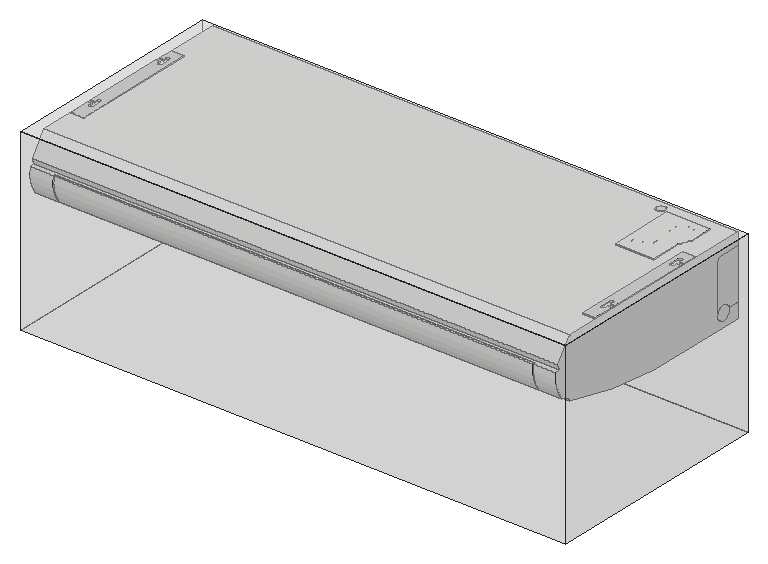
Revit family "outputfile", category 機械設備, Revit 2024
Family settings
  丸型コネクタ寸法 = 半径を使用
  パーツ タイプ = 標準
  OmniClass 番号 = 23.75.10.24.21.27.27
  OmniClass タイトル = Split System Air Conditioning Units
  作業面ベース = いいえ
  常に垂直 = はい
  ロード時にボイドで切り取り = いいえ
  注釈の向きを維持 = いいえ
  共有 = いいえ
  部屋計算ポイント = はい
Parameters (values of type "FHAS38DV2S")
  Description = ""
  製造元 = "Daikin"
  書き出し IFC クラス(タイプ) = "IfcUnitaryEquipmentType"
  定義済み IFC タイプ(タイプ) = "AIRCONDITIONINGUNIT"
  Cost = 0
  モデル = "FHAS38DV2S"
  Type Comments = ""
  Keynote = ""
  Type Image = (empty or 0)
  Assembly Code = ""
  switch_frequency = yes
  r_Liquid Pipe Size = Liquid Pipe Size / 2  # 4.75 mm
  r_Gas Pipe Size = Gas Pipe Size / 2  # 7.95 mm
  r_Drain Pipe Size = Drain Pipe Size / 2  # 10.0 mm
  l_powersupply [instance] = if(Rear Right Connection_powersupply, 29.0 mm, 175.0 mm)  # 29.0 mm
  h_mountinghole = 2.0 mm  # constant formula
  connector_voltage = Voltage_50Hz  # 220 V
  connector_powerinput = [Power Input (Cooling)]  # 3.170 kW
  connector_phase = Phase_50Hz  # 1
  angle_vertical_powersupply [instance] = if(Rear Right Connection_powersupply, 90.00°, 180.00°)  # 90.00°
  angle_vertical_drainpipe [instance] = if(or(Left Connection_drainpipe, Right Connection_drainpipe), 90.00°, if(Top Connection_drainpipe, 180.00°, -90.00°))  # -90.00°
  angle_horizontal_powersupply [instance] = if(Rear Right Connection_powersupply, 180.00°, 0.00°)  # 180.00°
  angle_horizontal_drainpipe [instance] = if(Right Connection_drainpipe, 90.00°, if(Left Connection_drainpipe, -90.00°, 0.00°))  # 0.00°
  Voltage_comment_50Hz = "220 - 240"
  Voltage_50Hz = 220 V
  URL = ""
  Top Connection_refrigerant [instance] = no
  Top Connection_powersupply [instance] = not(Rear Right Connection_powersupply)  # no
  Right Connection_refrigerant [instance] = no
  Rear Right Connection_refrigerant [instance] = yes
  Phase_50Hz = 1
  Minimum Circuit Amps_50Hz = 0.0 A
  Maximum Fuse Amps_50Hz = 0.0 A
  Material_Casing = DAIKIN_White_Casing_indoorunit
  lw_powersupply [instance] = if(Rear Right Connection_powersupply, 220.0 mm, 210.0 mm)  # 220.0 mm
  lw_mountinghole_pitch = Width - 40.0 mm  # 1550.0 mm
  lw_mountinghole = 20.0 mm  # constant formula
  lw_liquidpipe [instance] = if(Right Connection_refrigerant, 156.0 mm, if(Top Connection_refrigerant, 156.0 mm, 136.0 mm))  # 136.0 mm
  lw_gaspipe = 105.0 mm  # constant formula
  lw_drainpipe [instance] = if(Top Connection_drainpipe, 102.0 mm, if(Width = 960.0 mm, if(or(Left Connection_drainpipe, Rear Left Connection_drainpipe), 884.0 mm, 83.0 mm), if(Width = 1270.0 mm, if(or(Left Connection_drainpipe, Rear Left Connection_drainpipe), 1194.0 mm, 83.0 mm), if(Width = 1590.0 mm, if(or(Left Connection_drainpipe, Rear Left Connection_drainpipe), 1514.0 mm, 83.0 mm), 83.0 mm))))  # 83.0 mm
  lh_powersupply = 175.0 mm  # constant formula
  lh_liquidpipe [instance] = if(Rear Right Connection_refrigerant, 160.0 mm, 131.0 mm)  # 160.0 mm
  lh_gaspipe [instance] = if(Rear Right Connection_refrigerant, 150.0 mm, 91.0 mm)  # 150.0 mm
  lh_drainpipe = 197.0 mm  # constant formula
  l_antena = 1.0 mm  # constant formula
  ld_powersupply = 30.0 mm  # constant formula
  ld_mountinghole_pitch = 260.0 mm  # constant formula
  ld_mountinghole = 210.0 mm  # constant formula
  ld_liquidpipe [instance] = if(Right Connection_refrigerant, 57.0 mm, if(Top Connection_refrigerant, 189.0 mm, 221.0 mm))  # 221.0 mm
  ld_gaspipe [instance] = if(Right Connection_refrigerant, 57.0 mm, if(Top Connection_refrigerant, 163.0 mm, 214.0 mm))  # 214.0 mm
  ld_drainpipe [instance] = if(or(Left Connection_drainpipe, Right Connection_drainpipe), 57.0 mm, if(Top Connection_drainpipe, 87.0 mm, 268.0 mm))  # 268.0 mm
  l_liquidpipe_length [instance] = if(Right Connection_refrigerant, 156.0 mm, if(Top Connection_refrigerant, 131.0 mm, 220.0 mm))  # 220.0 mm
  l_gaspipe_length [instance] = if(Right Connection_refrigerant, 105.0 mm, if(Top Connection_refrigerant, 91.0 mm, 213.0 mm))  # 213.0 mm
  l_drainpipe_length [instance] = if(Right Connection_drainpipe, 83.0 mm, if(Top Connection_drainpipe, 197.0 mm, if(Left Connection_drainpipe, 76.0 mm, 267.0 mm)))  # 267.0 mm
  h*** = 0.0 mm  # constant formula
  angle_vertical [instance] = if(Right Connection_refrigerant, 90.00°, if(Top Connection_refrigerant, 180.00°, -90.00°))  # -90.00°
  angle_horizontal [instance] = if(Right Connection_refrigerant, 90.00°, 0.00°)  # 0.00°
  Width = 1590.0 mm
  Version = "ver.1.0"
  Unit Type = "Ceiling"
  Unit Mass Weight = 38.00 kg
  Unit Designation [instance] = ""
  Uniclass2015Version = "Products v1.30"
  Uniclass2015Title = "Split coil room air conditioning units"
  Uniclass2015Code = "Pr_70_65_03_86"
  Total Cooling Capacity [instance] = 0.000 kW
  Top Connection_drainpipe [instance] = no
  Sound Pressure Level_M speed (dBA) = 41
  Sound Pressure Level_L speed (dBA) = 37
  Sound Pressure Level_H speed (dBA) = 44
  Series = "SkyAir_Fan Coil Unit"
  Sensible Cooling Capacity [instance] = 0.000 kW
  Rear Right Connection_drainpipe [instance] = yes
  Rear Right Connection_powersupply [instance] = yes
  Right Connection_drainpipe [instance] = no
  Refrigerant Type = "R32"
  Power Input (Cooling) = 3.170 kW
  Option Accessory 3 [instance] = ""
  Option Accessory 2 [instance] = ""
  Option Accessory 1 [instance] = ""
  Nominal Cooling Capacity = 11.300 kW
  Minimum Airflow = 1380.00 m³/h
  Median Airflow = 1620.00 m³/h
  Maximum Airflow = 1860.00 m³/h
  Load Classification = HVAC
  Liquid Pipe Size = 9.5 mm
  Link_Nested Family [instance] = ""
  Rear Left Connection_drainpipe [instance] = no
  Left Connection_drainpipe [instance] = no
  IfcVersion = ""
  IfcExportType = "AIRCONDITIONINGUNIT"
  IfcExportAs = "IfcUnitaryEquipmentType"
  Height = 235.0 mm
  Heat Exchanger Type = "Cross Fin Coil"
  Gas Pipe Size = 15.9 mm
  Frequency_50Hz = 50 Hz
  Fan Type = "Sirocco Fan"
  Fan Drive = "-"
  FCU Tag No. [instance] = ""
  Drain Pipe Size = 20.0 mm
  Design Supply Airflow [instance] = 0.00 m³/h
  Design Outdoor Airflow [instance] = 0.00 m³/h
  Depth = 690.0 mm
  既定の高さ = 0.0 mm
  Cooling Entering Wet Bulb Temperature [instance] = 0.00 °C
  Cooling Entering Dry Bulb Temperature [instance] = 0.00 °C
  Cooling Ambient Wet Bulb Temperature [instance] = 0.00 °C
  Cooling Ambient Dry Bulb Temperature [instance] = 0.00 °C
  Clearance visibility [instance] = yes
  Clearance Top = 5.0 mm
  Clearance Right = 30.0 mm
  Clearance Rear = 0.0 mm
  Clearance Left = 30.0 mm
  Clearance Front = 0.0 mm
  Clearance Bottom = 300.0 mm
Reference planes
  plane 1 "Back": y = 0
  plane 2: z = 0
  plane 3 "Center (Left/Right)": x = 0
  plane 4 "Center (Front/Back)": y = -1
  plane 5 "Front": y = -690
  plane 6 "Left": x = -795
  plane 7 "Right": x = 795
  plane 8 "Top": z = 0
  plane 9 "Bottom": z = -235
  plane 10: y = -690
  plane 11: x = -825
  plane 12: x = 825
  plane 13: z = 5
  plane 14: z = -535
  plane 15: y = 0
  plane 16 "lw_mountinghole": x = -775
  plane 17 "lw_mountinghole2": x = 775
  plane 18 "ld_mountinghole": y = -210
  plane 19 "ld_mountinghole2": y = -470
  plane 20 "lw_gaspipe": x = 690
  plane 21 "ld_gaspipe": y = -214
  plane 22 "lh_gaspipe": z = -150
  plane 23 "lw_liquidpipe": x = 659
  plane 24 "ld_liquidpipe": y = -221
  plane 25 "lh_liquidpipe": z = -160
  plane 26 "ld_drainpipe": y = -268
  plane 27 "lw_drainpipe": x = 712
  plane 28 "lh_drainpipe": z = -197
  plane 29 "lw_powersupply": x = 575
  plane 30 "lh_powersupply": z = -175
  plane 31 "ld_powersupply": y = -30
  plane 32: x = -725.5
  plane 33: x = 725.5
  plane 34: x = -750
  plane 35: x = 750
  plane 36: x = -2
  plane 37: x = 2
Forms (mm)
  Extrusion 1, solid, material "DAIKIN_White_Casing_indoorunit" <- "Material_Casing"
    sketch origin (0, 0, 0) x (0, 1, 0) y (0, 0, 1)
      loop
        line (-639.277, 0) -> (-680.876, -61.699) -> (-675.026, -77.772)
        arc (-675.026, -77.772) -> (-681.815, -78.743) -> (-688.601, -79.732) r 2634.132
        arc (-688.601, -79.732) -> (-687.018, -121.096) -> (-669.159, -158.439) r 102.2
        line (-669.159, -158.439) -> (-639.858, -169.325) -> (-635.895, -178.261)
        arc (-635.895, -178.261) -> (-479.121, -215.759) -> (-319.077, -235) r 1400.997
        line (-319.077, -235) -> (-1, -235) -> (-1, 0) -> (-639.277, 0)
    from -795 to 795
  Extrusion 2, solid, material "DAIKIN_White_Casing_indoorunit" <- "Material_Casing"
    sketch origin (0, 0, 0) x (0, 1, 0) y (0, 0, 1)
      loop
        arc (-688.601, -79.732) -> (-687.018, -121.096) -> (-669.159, -158.439) r 102.2
        line (-669.159, -158.439) -> (-665.589, -154.869)
        arc (-665.589, -154.869) -> (-682.432, -118.783) -> (-683.39, -78.971) r 97.2
        arc (-683.39, -78.971) -> (-685.996, -79.351) -> (-688.601, -79.732) r 2634.132
    from -725.5 to 725.5
  Extrusion 3, void
    sketch origin (0, 0, 0) x (0, 1, 0) y (0, 0, 1)
      loop
        line (-301.098, -235) -> (-21.098, -235) -> (-21.098, -230) -> (-301.098, -230) -> (-301.098, -235)
    from -750 to 750
  Extrusion 4, solid, material "DAIKIN_White_Grille_indoorunit"
    sketch origin (0, 0, 0) x (0, 1, 0) y (0, 0, 1)
      loop
        line (-20.098, -230) -> (-301.098, -230) -> (-301.098, -235) -> (-20.098, -235) -> (-20.098, -230)
    from -750 to -2
  Extrusion 5, solid, material "DAIKIN_White_Casing_indoorunit" <- "Material_Casing"
    sketch origin (0, 0, 0) x (1, 0, 0) y (0, 0, 1)
      loop
        line (602, -63) -> (602, -178) -> (673, -220) -> (736, -220) -> (736, -63) -> (602, -63)
    from 0 to 1
  Extrusion 6, solid, material "DAIKIN_White_Casing_indoorunit" <- "Material_Casing"
    sketch origin (0, 0, 0) x (-1, 0, 0) y (0, -1, 0)
      loop
        line (-607, 35) -> (-607, 230) -> (-723, 230) -> (-723, 135) -> (-738, 105) -> (-738, 35) -> (-607, 35)
    from 0 to 1.9
  Extrusion 7, void
    sketch origin (795, 0, 0) x (0, 1, 0) y (0, 0, 1)
      loop
        arc (-79.5, -195) -> (-55.446, -217.446) -> (-34.715, -191.9) r 22.5
        line (-34.715, -191.9) -> (-1, -191.9) -> (-1, -190.1) -> (-35.04, -190.1)
        arc (-35.04, -190.1) -> (-54.942, -172.594) -> (-77.7, -186.182) r 22.5
        line (-77.7, -186.182) -> (-77.7, -43)
        arc (-77.7, -43) -> (-76.528, -40.172) -> (-73.7, -39) r 4
        line (-73.7, -39) -> (-1, -39) -> (-1, -37.2) -> (-73.7, -37.2)
        arc (-73.7, -37.2) -> (-77.801, -38.899) -> (-79.5, -43) r 5.8
        line (-79.5, -43) -> (-79.5, -195)
      loop
        circle (-57, -195) r 20.7
    from 0 to -10
  Extrusion 8, void
    sketch origin (-1444.026, -1, 1200) x (1, 0, 0) y (0, 0, 1)
      loop
        arc (715.026, -1375) -> (704.42, -1379.393) -> (700.026, -1390) r 15
        line (700.026, -1390) -> (700.026, -1400)
        arc (700.026, -1400) -> (704.42, -1410.607) -> (715.026, -1415) r 15
        line (715.026, -1415) -> (745.026, -1415)
        arc (745.026, -1415) -> (755.633, -1410.607) -> (760.026, -1400) r 15
        line (760.026, -1400) -> (760.026, -1390)
        arc (760.026, -1390) -> (755.633, -1379.393) -> (745.026, -1375) r 15
        line (745.026, -1375) -> (715.026, -1375)
    from 0 to 10
  Extrusion 9, void
    sketch origin (-795, 0, 0) x (0, 1, 0) y (0, 0, 1)
      loop
        circle (-57, -197) r 22.5
    from 0 to 10
  Extrusion 10, void
    sketch origin (-1444.026, -1, 1200) x (1, 0, 0) y (0, 0, 1)
      loop
        circle (2136.026, -1375) r 44
    from 0 to 10
  Extrusion 11, void
    sketch origin (0, 0, 0) x (-1, 0, 0) y (0, -1, 0)
      loop
        circle (-693, 87) r 30
    from 0 to -10
  Extrusion 12, void
    sketch origin (0, 0, 0) x (-1, 0, 0) y (0, -1, 0)
      loop
        circle (-690, 163) r 18
    from 0 to -10
  Extrusion 13, void
    sketch origin (0, 0, 0) x (-1, 0, 0) y (0, -1, 0)
      loop
        circle (-639, 189) r 13
    from 0 to -10
  Extrusion 14, void
    sketch origin (-1444.026, -1, 1200) x (1, 0, 0) y (0, 0, 1)
      loop
        circle (2019.026, -1375) r 14.5
    from 0 to 10
  Extrusion 15, void
    sketch origin (0, 0, 0) x (-1, 0, 0) y (0, -1, 0)
      loop
        circle (-585, 30) r 14.5
    from 0 to -10
  Extrusion 16, void
    sketch origin (795, 0, 0) x (0, 1, 0) y (0, 0, 1)
      loop
        arc (-665.589, -154.869) -> (-682.432, -118.783) -> (-683.39, -78.971) r 97.2
        arc (-683.39, -78.971) -> (-685.996, -79.351) -> (-688.601, -79.732) r 2634.132
        arc (-688.601, -79.732) -> (-687.018, -121.096) -> (-669.159, -158.439) r 102.2
        line (-669.159, -158.439) -> (-665.589, -154.869)
    from -69.5 to -1520.5
  Extrusion 17, solid, material "DAIKIN_White_Casing_indoorunit" <- "Material_Casing"
    sketch origin (-795, 0, 0) x (0, 1, 0) y (0, 0, 1)
      loop
        circle (-57, -197) r 22.5
    from 0 to 10
  Extrusion 18, solid, material "DAIKIN_White_Grille_indoorunit"
    sketch origin (780, 0, 0) x (0, 1, 0) y (0, 0, 1)
      loop
        line (-20.098, -230) -> (-301.098, -230) -> (-301.098, -235) -> (-20.098, -235) -> (-20.098, -230)
    from -782 to -778
  Extrusion 19, solid, material "DAIKIN_White_Grille_indoorunit"
    sketch origin (0, 0, 0) x (0, 1, 0) y (0, 0, -1)
      loop
        line (-20.098, 230) -> (-20.098, 235) -> (-301.098, 235) -> (-301.098, 230) -> (-20.098, 230)
    from -750 to -2
Cuts and joins
  Extrusion 3, Extrusion 7, Extrusion 8, Extrusion 9, Extrusion 10, Extrusion 11, Extrusion 12, Extrusion 13, Extrusion 14, Extrusion 15, Extrusion 16 cuts Extrusion 1
Lines and regions (mm)
  reference lines
    curve 1: line (795, -580.282, -192.75) -> (795, -551.225, -200.21)
Dimensions and locks
  equal spacing: plane 6 "Left", plane 3 "Center (Left/Right)", plane 7 "Right"
  "Width": plane 6 "Left" to plane 7 "Right"
  "Depth": plane 5 "Front" to plane 1 "Back"
  "Height": plane 8 "Top" to plane 9 "Bottom"
  "Clearance Front": plane 10 to plane 5 "Front"
  "Clearance Left": plane 11 to plane 6 "Left"
  "Clearance Right": plane 7 "Right" to plane 12
  "Clearance Top": plane 13 to plane 8 "Top"
  "Clearance Bottom": plane 9 "Bottom" to plane 14
  "Clearance Rear": plane 1 "Back" to plane 15
  locked: plane 4 "Center (Front/Back)" to plane 1 "Back" at 1
  locked: Extrusion 1 sketch curve to Extrusion 1 sketch curve at 235
  locked: Extrusion 1 sketch curve to Extrusion 1 sketch curve at 318.077
  locked: Extrusion 1 sketch curve to Extrusion 1 sketch curve at 1163.297
  locked: Extrusion 1 sketch curve to Extrusion 1 sketch curve at 231.144
  Extrusion 3 sketch curve to Extrusion 3 sketch curve to plane 1 "Back" = 280.0 mm locked, 21.098 mm locked
  "ld_mountinghole": plane 18 "ld_mountinghole" to plane 1 "Back"
  "ld_mountinghole_pitch": plane 18 "ld_mountinghole" to plane 19 "ld_mountinghole2"
  "lw_mountinghole_pitch": plane 16 "lw_mountinghole" to plane 17 "lw_mountinghole2"
  "lw_mountinghole": plane 6 "Left" to plane 16 "lw_mountinghole"
  "lw_gaspipe": plane 20 "lw_gaspipe" to plane 7 "Right"
  "ld_gaspipe": plane 1 "Back" to plane 21 "ld_gaspipe"
  "lw_liquidpipe": plane 23 "lw_liquidpipe" to plane 7 "Right"
  "ld_liquidpipe": plane 1 "Back" to plane 24 "ld_liquidpipe"
  "lw_drainpipe": plane 27 "lw_drainpipe" to plane 7 "Right"
  "ld_drainpipe": plane 26 "ld_drainpipe" to plane 1 "Back"
  plane 8 "Top" to Extrusion 5 sketch curve to Extrusion 5 sketch curve = 63.0 mm locked, 157.0 mm locked
  plane 7 "Right" to Extrusion 5 sketch curve to Extrusion 5 sketch curve = 59.0 mm locked, 134.0 mm locked
  locked: Extrusion 5 sketch curve to Extrusion 5 sketch curve at 115
  locked: Extrusion 5 sketch curve to Extrusion 5 sketch curve at 63
  locked: Extrusion 6 sketch curve to Extrusion 6 sketch curve at 195
  locked: Extrusion 6 sketch curve to Extrusion 6 sketch curve at 116
  locked: Extrusion 6 sketch curve to Extrusion 6 sketch curve at 131
  locked: Extrusion 6 sketch curve to Extrusion 6 sketch curve at 100
  locked: Extrusion 6 sketch curve to plane 1 "Back" at 35
  locked: Extrusion 6 sketch curve to plane 7 "Right" at 57
  locked: Extrusion 8 sketch curve to Extrusion 8 sketch curve at 40
  locked: Extrusion 8 sketch curve to Extrusion 8 sketch curve at 60
  locked: plane 8 "Top" to Extrusion 8 sketch curve at 175
  locked: Extrusion 8 sketch curve to plane 6 "Left" at 51
  locked: plane 7 "Right" to Extrusion 10 sketch curve at 103
  locked: plane 8 "Top" to Extrusion 10 sketch curve at 175
  locked: Extrusion 11 sketch curve to plane 1 "Back" at 87
  locked: Extrusion 11 sketch curve to plane 7 "Right" at 102
  locked: Extrusion 12 sketch curve to plane 1 "Back" at 163
  locked: Extrusion 12 sketch curve to plane 7 "Right" at 105
  locked: Extrusion 13 sketch curve to plane 1 "Back" at 189
  locked: Extrusion 13 sketch curve to plane 7 "Right" at 156
  "lw_powersupply": plane 29 "lw_powersupply" to plane 7 "Right"
  "lh_gaspipe": plane 8 "Top" to plane 22 "lh_gaspipe"
  "lh_liquidpipe": plane 8 "Top" to plane 25 "lh_liquidpipe"
  "lh_powersupply": plane 8 "Top" to plane 30 "lh_powersupply"
  "lh_drainpipe": plane 8 "Top" to plane 28 "lh_drainpipe"
  "ld_powersupply": plane 1 "Back" to plane 31 "ld_powersupply"
  locked: plane 8 "Top" to Extrusion 7 sketch curve at 195
  locked: Extrusion 7 sketch curve to plane 1 "Back" at 57
  locked: plane 9 "Bottom" to Extrusion 7 sketch curve at 43.1
  locked: Extrusion 7 sketch curve to plane 8 "Top" at 39
  locked: Extrusion 7 sketch curve to plane 1 "Back" at 79.5
  locked: Extrusion 9 sketch curve to plane 1 "Back" at 57
  locked: plane 8 "Top" to Extrusion 9 sketch curve at 197
  locked: Extrusion 17 sketch curve to plane 1 "Back" at 57
  locked: plane 8 "Top" to Extrusion 17 sketch curve at 197
  locked: plane 7 "Right" to Extrusion 14 sketch curve at 220
  locked: plane 8 "Top" to Extrusion 14 sketch curve at 175
  locked: Extrusion 15 sketch curve to plane 7 "Right" at 210
  locked: Extrusion 15 sketch curve to plane 1 "Back" at 30
  locked: curve 1 to plane 9 "Bottom" at 34.79
  locked: curve 1 to plane 9 "Bottom" at 42.25
  locked: plane 6 "Left" to plane 32 at 69.5
  locked: plane 33 to plane 7 "Right" at 69.5
  locked: plane 35 to plane 7 "Right" at 45
  locked: plane 6 "Left" to plane 34 at 45
  plane 36 to plane 3 "Center (Left/Right)" to plane 37 = 2.0 mm locked, 2.0 mm locked
  locked: curve 1 to plane 9 "Bottom" (angle 14.40°)
  aligned and locked: level to plane 2
  aligned and locked: nested 1 to plane 11
  aligned and locked: nested 1 to plane 12
  aligned and locked: nested 1 to plane 10
  aligned and locked: plane 13 to nested 1
  aligned and locked: plane 14 to nested 1
  aligned and locked: plane 15 to nested 1
  aligned and locked: Extrusion 1 sketch curve to plane 8 "Top"
  aligned and locked: Extrusion 2 sketch curve to Extrusion 1  (x2)
  aligned and locked: plane 7 "Right" to Extrusion 1
  aligned and locked: Extrusion 1 to plane 6 "Left"
  aligned and locked: cut or joined group 1 (Extrusion 1, Extrusion 3, Extrusion 7, Extrusion 8, Extrusion 9, Extrusion 10, Extrusion 11, Extrusion 12, Extrusion 13, Extrusion 14, Extrusion 15, Extrusion 16) to Extrusion 3 sketch curve
  aligned and locked: cut or joined group 1 to Extrusion 4 sketch curve
  aligned and locked: Extrusion 5 to plane 4 "Center (Front/Back)"
  aligned and locked: Extrusion 7 sketch curve to plane 4 "Center (Front/Back)"
  aligned and locked: Extrusion 16 sketch curve to Extrusion 2  (x4)
  aligned and locked: Extrusion 16 to Extrusion 2  (x2)
  aligned and locked: nested 2 to plane 26 "ld_drainpipe"
  aligned and locked: plane 27 "lw_drainpipe" to nested 2
  aligned and locked: plane 20 "lw_gaspipe" to nested 3
  aligned and locked: nested 3 to plane 21 "ld_gaspipe"
  aligned and locked: plane 23 "lw_liquidpipe" to nested 4
  aligned and locked: nested 4 to plane 24 "ld_liquidpipe"
  aligned and locked: plane 25 "lh_liquidpipe" to nested 4
  aligned and locked: nested 5 to plane 31 "ld_powersupply"
  aligned and locked: plane 29 "lw_powersupply" to nested 5
  aligned and locked: nested 7 to plane 18 "ld_mountinghole"
  aligned and locked: plane 16 "lw_mountinghole" to nested 7
  aligned and locked: nested 6 to plane 19 "ld_mountinghole2"
  aligned and locked: plane 16 "lw_mountinghole" to nested 6
  aligned and locked: nested 9 to plane 18 "ld_mountinghole"
  aligned and locked: plane 17 "lw_mountinghole2" to nested 9
  aligned and locked: plane 17 "lw_mountinghole2" to nested 8
  aligned and locked: nested 8 to plane 19 "ld_mountinghole2"
  aligned and locked: nested 10 to curve 1
  aligned and locked: level to plane 8 "Top"
  aligned and locked: cut or joined group 1 to plane 32
  aligned and locked: plane 33 to cut or joined group 1
  aligned and locked: Extrusion 16 to plane 32
  aligned and locked: plane 33 to Extrusion 16
  aligned and locked: Extrusion 4 to plane 34
  aligned and locked: cut or joined group 1 to plane 34
  aligned and locked: plane 34 to Extrusion 4  (x3)
  aligned and locked: plane 16 "lw_mountinghole" to nested 11
  aligned and locked: plane 17 "lw_mountinghole2" to nested 12
  aligned and locked: plane 36 to Extrusion 4
  aligned and locked: Extrusion 18 to plane 36
  aligned and locked: plane 37 to Extrusion 18
  aligned and locked: Extrusion 19 to plane 37
  aligned and locked: plane 37 to Extrusion 19
  aligned and locked: plane 35 to Extrusion 19
  aligned and locked: plane 35 to Extrusion 3
  aligned and locked: Extrusion 4 to cut or joined group 1
  aligned and locked: cut or joined group 1 to Extrusion 18
  aligned and locked: cut or joined group 1 to Extrusion 19
Automatic sketch dimensions
  Extrusion 1 sketch curve to plane 4 "Center (Front/Back)" = 0.0 mm
  Extrusion 1 sketch curve to plane 5 "Front" = 102.2 mm
  Extrusion 1 sketch curve to plane 30 "lh_powersupply" = 3.261 mm
  Extrusion 1 sketch curve to plane 5 "Front" = 50.723 mm
  plane 30 "lh_powersupply" to Extrusion 1 sketch curve = 5.675 mm
  Extrusion 1 sketch curve to Extrusion 1 sketch curve = 3.963 mm
  plane 25 "lh_liquidpipe" to Extrusion 1 sketch curve = 1.561 mm
  Extrusion 1 sketch curve to plane 5 "Front" = 20.841 mm
  Extrusion 1 sketch curve to plane 5 "Front" = 14.974 mm
  Extrusion 1 sketch curve to plane 5 "Front" = 9.124 mm
  Extrusion 1 sketch curve to plane 26 "ld_drainpipe" = 37.278 mm
  Extrusion 1 sketch curve to plane 14 = 2150.825 mm
  plane 22 "lh_gaspipe" to Extrusion 1 sketch curve = 53.413 mm
  Extrusion 1 sketch curve to level = 77.772 mm
  Extrusion 1 sketch curve to Extrusion 1 sketch curve = 16.072 mm
  Extrusion 2 sketch curve to Extrusion 2 sketch curve = 0.0 mm  (x2)
  plane 25 "lh_liquidpipe" to Extrusion 2 sketch curve = 1.561 mm
  Extrusion 2 sketch curve to plane 22 "lh_gaspipe" = 4.869 mm
  Extrusion 2 sketch curve to Extrusion 2 sketch curve = 3.57 mm
  Extrusion 3 sketch curve to Extrusion 3 sketch curve = 5.0 mm
  plane 31 "ld_powersupply" to Extrusion 4 sketch curve = 9.902 mm
  Extrusion 4 sketch curve to Extrusion 4 sketch curve = 5.0 mm
  Extrusion 6 sketch curve to Extrusion 6 sketch curve = 30.0 mm
  Extrusion 7 sketch curve to Extrusion 7 sketch curve = 0.0 mm  (x6)
  Extrusion 7 sketch curve to plane 4 "Center (Front/Back)" = 0.0 mm  (x2)
  Extrusion 7 sketch curve to Extrusion 7 sketch curve = 1.8 mm  (x2)
  Extrusion 7 sketch curve to Extrusion 7 sketch curve = 4.0 mm
  Extrusion 7 sketch curve to Extrusion 7 sketch curve = 0.325 mm
  Extrusion 8 sketch curve to plane 32 = 3.5 mm  (x2)
  Extrusion 8 sketch curve to plane 28 "lh_drainpipe" = 3.0 mm
  Extrusion 8 sketch curve to Extrusion 8 sketch curve = 15.0 mm
  curve 1 to plane 5 "Front" = 109.718 mm
  Extrusion 18 sketch curve to plane 9 "Bottom" = 0.0 mm
  plane 9 "Bottom" to Extrusion 18 sketch curve = 5.0 mm
  Extrusion 18 sketch curve to plane 26 "ld_drainpipe" = 33.098 mm
  plane 31 "ld_powersupply" to Extrusion 18 sketch curve = 9.902 mm
  Extrusion 19 sketch curve to plane 9 "Bottom" = 0.0 mm
  plane 9 "Bottom" to Extrusion 19 sketch curve = 5.0 mm
  Extrusion 19 sketch curve to plane 26 "ld_drainpipe" = 33.098 mm
  plane 31 "ld_powersupply" to Extrusion 19 sketch curve = 9.902 mm
  Extrusion 4 sketch curve to plane 26 "ld_drainpipe" = 33.098 mm
  radius of Extrusion 7 sketch curve = 20.7 mm
  radius of Extrusion 9 sketch curve = 22.5 mm
  radius of Extrusion 10 sketch curve = 44.0 mm
  radius of Extrusion 11 sketch curve = 30.0 mm
  radius of Extrusion 12 sketch curve = 18.0 mm
  radius of Extrusion 13 sketch curve = 13.0 mm
  radius of Extrusion 14 sketch curve = 14.5 mm
  radius of Extrusion 15 sketch curve = 14.5 mm
  radius of Extrusion 17 sketch curve = 22.5 mm
Nested families
  nested 1: "daikin_clearancespace" at (0, -345, -264.881), visible <- "Clearance visibility", show <- "Clearance visibility", Link_Nested Family <- "Link_Nested Family", type "daikin_clearancespace"
    with width 1650.0 mm, show yes, height 540.0 mm, depth 690.0 mm, Link_Nested Family ""
  nested 2: "daikin_connector_rotate3" at (712, -268, -197), radius <- "r_Drain Pipe Size", angle_vertical <- "angle_vertical_drainpipe", angle_horizontal <- "angle_horizontal_drainpipe", length <- "l_drainpipe_length", type "daikin_connector_rotate3"
    with show no, radius 10.0 mm, length 267.0 mm, angle_vertical -90.00°, angle_horizontal 0.00°
  nested 3: "daikin_connector_rotate3" at (690, -214, -150), radius <- "r_Gas Pipe Size", angle_vertical <- "angle_vertical", angle_horizontal <- "angle_horizontal", length <- "l_gaspipe_length", type "daikin_connector_rotate3"
    with show no, radius 7.95 mm, length 213.0 mm, angle_vertical -90.00°, angle_horizontal 0.00°
  nested 4: "daikin_connector_rotate3" at (659, -221, -160), radius <- "r_Liquid Pipe Size", angle_vertical <- "angle_vertical", angle_horizontal <- "angle_horizontal", length <- "l_liquidpipe_length", type "daikin_connector_rotate3"
    with show no, radius 4.75 mm, length 220.0 mm, angle_vertical -90.00°, angle_horizontal 0.00°
  nested 5: "daikin_connector_rotate3" at (575, -30, -175), length <- "l_powersupply", angle_vertical <- "angle_vertical_powersupply", angle_horizontal <- "angle_horizontal_powersupply", type "daikin_connector_rotate3"
    with show no, radius 10.0 mm, length 29.0 mm, angle_vertical 90.00°, angle_horizontal 180.00°
  nested 6: "daikin_mountinghole" at (-775, -470, 0), l_antenna <- "l_antena", Link_Nested Family <- "Link_Nested Family", h_mountinghole <- "h_mountinghole", type "daikin_mountinghole"
    with show yes, l_antenna 1.0 mm, h_mountinghole 2.0 mm, Link_Nested Family ""
  nested 7: "daikin_mountinghole" at (-775, -210, 0), l_antenna <- "l_antena", Link_Nested Family <- "Link_Nested Family", h_mountinghole <- "h_mountinghole", type "daikin_mountinghole"
    with show yes, l_antenna 1.0 mm, h_mountinghole 2.0 mm, Link_Nested Family ""
  nested 8: "daikin_mountinghole" at (775, -470, 0), l_antenna <- "l_antena", Link_Nested Family <- "Link_Nested Family", h_mountinghole <- "h_mountinghole", type "daikin_mountinghole"
    with show yes, l_antenna 1.0 mm, h_mountinghole 2.0 mm, Link_Nested Family ""
  nested 9: "daikin_mountinghole" at (775, -210, 0), Link_Nested Family <- "Link_Nested Family", l_antenna <- "l_antena", h_mountinghole <- "h_mountinghole", type "daikin_mountinghole"
    with show yes, l_antenna 1.0 mm, h_mountinghole 2.0 mm, Link_Nested Family ""
  nested 10: "daikin_logo_plane_w40" at (647.963, -559.801, -198.008) x (1, 0, 0) z (0, -0.2487, -0.9686), type "daikin_logo_plane_w40"
    with show_logo yes
  nested 11: "daikin_hangerfixture_FHAS-DV2S" at (-775, 0, 0), type "daikin_hangerfixture_FHAS-DV2S"
    with width 38.0 mm, height 2.0 mm, depth 380.0 mm
  nested 12: "daikin_hangerfixture_FHAS-DV2S" at (775, 0, 0) x (-1, 0, 0) z (0, 0, 1), type "daikin_hangerfixture_FHAS-DV2S"
    with width 38.0 mm, height 2.0 mm, depth 380.0 mm
Connectors
  piping at (712, -1, -197), diameter 20, driven by "r_Drain Pipe Size"
    settings: on nested 2, index 1, connector inside diameter 609.6 mm, connector length 0.0 mm, flow factor 0, pipe flow 0.00 m³/h, pressure drop 0.0 Pa, fitting loss kfactor 0, connector angle 0.00°, fixture units 0, engagement length 0.0 mm, angle of deflection 0.00°, flow configuration 1, flow direction 2, fitting loss method 4, system type 16, joint type 0, gender type 0, connector reference index -1, connector utility 0, adjustable connector no, is connector primary yes, connector description "Condensate Drain Piping"
  piping at (690, -1, -150), diameter 15.9, driven by "r_Gas Pipe Size"
    settings: on nested 3, index 3, connector inside diameter 609.6 mm, connector length 0.0 mm, flow factor 0, pipe flow 0.00 m³/h, pressure drop 0.0 Pa, fitting loss kfactor 0, connector angle 0.00°, fixture units 0, engagement length 0.0 mm, angle of deflection 0.00°, flow configuration 1, flow direction 2, fitting loss method 0, system type 29, joint type 0, gender type 0, connector reference index -1, connector utility 0, adjustable connector no, is connector primary no, connector description "Refrigerant Gas Piping"
  piping at (659, -1, -160), diameter 9.5, driven by "r_Liquid Pipe Size"
    settings: on nested 4, index 4, connector inside diameter 609.6 mm, connector length 0.0 mm, flow factor 0, pipe flow 0.00 m³/h, pressure drop 0.0 Pa, fitting loss kfactor 0, connector angle 0.00°, fixture units 0, engagement length 0.0 mm, angle of deflection 0.00°, flow configuration 1, flow direction 1, fitting loss method 0, system type 29, joint type 0, gender type 0, connector reference index -1, connector utility 0, adjustable connector no, is connector primary no, connector description "Refrigerant Liquid Piping"
  electrical at (575, -1, -175), driven by "Load Classification", driven by "connector_powerinput", driven by "connector_phase", driven by "connector_voltage"
    settings: on nested 5, index 6, voltage 220 V, apparent load 3170 VA, apparent load phase1 0 VA, apparent load phase2 0 VA, apparent load phase3 0 VA, power factor 1, load classification "HVAC", number of poles 1, system type 30, power factor state 1, is connector primary yes, connector utility no, sub classification motor no, connector description "Power Supply"
Definition of nested family "daikin_clearancespace"
  Parameters (values of type "daikin_clearancespace")
    Description = "daikin_clearancespace"
    width [instance] = 1823.963 mm
    show [instance] = yes
    material = none
    height [instance] = 1359.762 mm
    depth [instance] = 880.0 mm
    Default Elevation = 0.0 mm
    Link_Nested Family [instance] = ""
  Reference planes
    plane 1 "Center (Front/Back)": y = 0
    plane 2 "Center (Elevation)": z = -0.119
    plane 3 "Center (Left/Right)": x = 0
    plane 4: y = 440
    plane 5: y = -440
    plane 6 "Right": x = 911.982
    plane 7 "Left": x = -911.982
    plane 8 "Top": z = 679.762
    plane 9 "Bottom": z = -680
  Forms (mm)
    Extrusion 1, solid, material <- "material", visible <- "show"
      sketch origin (0, 0, 0) x (1, 0, 0) y (0, 1, 0)
        loop
          line (-911.982, 440) -> (-911.982, -440) -> (911.982, -440) -> (911.982, 440) -> (-911.982, 440)
      from -680 to 679.762
  Lines and regions (mm)
    symbolic lines, visible <- "show"
      curve 1: line (911.982, 440, 0) -> (-911.982, 440, 0)
      curve 2: line (-911.982, 440, 0) -> (-911.982, -440, 0)
      curve 3: line (-911.982, -440, 0) -> (911.982, -440, 0)
      curve 4: line (911.982, -440, 0) -> (911.982, 440, 0)
      curve 5: line (911.982, 0, 679.762) -> (-911.982, 0, 679.762)
      curve 6: line (911.982, 0, -680) -> (911.982, 0, 679.762)
      curve 7: line (-911.982, 0, -680) -> (911.982, 0, -680)
      curve 8: line (-911.982, 0, 679.762) -> (-911.982, 0, -680)
      curve 9: line (0, 440, 679.762) -> (0, -440, 679.762)
      curve 10: line (0, -440, 679.762) -> (0, -440, -680)
      curve 11: line (0, 440, -680) -> (0, 440, 679.762)
      curve 12: line (0, -440, -680) -> (0, 440, -680)
  Dimensions and locks
    "width": plane 7 "Left" to plane 6 "Right"
    "depth": plane 4 to plane 5
    "height": plane 8 "Top" to plane 9 "Bottom"
    equal spacing: plane 7 "Left", plane 3 "Center (Left/Right)", plane 6 "Right"
    equal spacing: plane 4, plane 1 "Center (Front/Back)", plane 5
    equal spacing: plane 8 "Top", plane 2 "Center (Elevation)", plane 9 "Bottom"
    aligned and locked: level to plane 2 "Center (Elevation)"
    aligned and locked: Extrusion 1 sketch curve to plane 4
    aligned and locked: plane 7 "Left" to Extrusion 1 sketch curve
    aligned and locked: Extrusion 1 sketch curve to plane 5
    aligned and locked: Extrusion 1 sketch curve to plane 6 "Right"
    aligned and locked: plane 8 "Top" to Extrusion 1
    aligned and locked: curve 1 to Extrusion 1
    aligned and locked: curve 2 to Extrusion 1
    aligned and locked: curve 3 to Extrusion 1
    aligned and locked: curve 4 to Extrusion 1
    aligned and locked: curve 5 to Extrusion 1
    aligned and locked: curve 6 to Extrusion 1
    aligned and locked: curve 7 to Extrusion 1
    aligned and locked: curve 8 to Extrusion 1
    aligned and locked: curve 9 to Extrusion 1
    aligned and locked: curve 10 to Extrusion 1
    aligned and locked: curve 11 to Extrusion 1
    aligned and locked: curve 12 to Extrusion 1
    aligned and locked: Extrusion 1 to plane 9 "Bottom"
Definition of nested family "daikin_logo_plane_w40"
  Parameters (values of type "daikin_logo_plane_w40")
    width = 40.0 mm
    show_logo [instance] = yes
    material = none
    height = 0.0 mm
    depth = 0.0 mm
    Default Elevation = 1219.2 mm
  Reference planes
    plane 1 "Center (Front/Back)": y = 0
    plane 2: z = 0
    plane 3 "Center (Left/Right)": x = 0
    plane 4: z = 2
    plane 5 "left": x = -19
    plane 6: x = 19
  Forms (mm)
    Extrusion 1, solid, visible <- "show_logo"
      sketch origin (-19, 0, 0) x (1, 0, 0) y (0, 1, 0)
        loop
          line (8.902, -1.878) -> (7.789, -6.332) -> (11.13, -6.332)
          arc (11.13, -6.332) -> (12.454, -6.064) -> (13.472, -5.176) r 2.642
          arc (13.472, -5.176) -> (13.92, -4.02) -> (13.767, -2.79) r 2.537
          arc (13.767, -2.79) -> (13.452, -2.342) -> (12.982, -2.06) r 1.321
          arc (12.982, -2.06) -> (12.063, -1.902) -> (11.13, -1.878) r 6.479
          line (11.13, -1.878) -> (8.902, -1.878)
        loop
          line (10.016, -5.441) -> (10.907, -5.441)
          arc (10.907, -5.441) -> (11.591, -4.983) -> (11.988, -4.261) r 1.742
          spline (11.988, -4.261) -> (12.01, -4.155) -> (12.027, -4.03) -> (12.037, -3.893) -> (12.037, -3.747) -> (12.026, -3.598) -> (12.002, -3.451) -> (11.962, -3.31) -> (11.905, -3.181) -> (11.829, -3.069) -> (11.731, -2.978) -> (11.61, -2.913) -> (11.464, -2.88)
          line (11.464, -2.88) -> (10.573, -2.88) -> (10.016, -5.441)
        loop
          line (13.58, -6.332) -> (14.805, -6.332) -> (15.223, -5.553) -> (16.977, -5.553) -> (17.144, -6.332) -> (19.149, -6.332) -> (18.258, -1.878) -> (16.03, -1.878) -> (13.58, -6.332)
        loop
          line (16.476, -3.214) -> (15.76, -4.551) -> (16.762, -4.551) -> (16.476, -3.214)
        loop
          line (19.705, -6.332) -> (21.599, -6.332) -> (22.712, -1.878) -> (20.819, -1.878) -> (19.705, -6.332)
        loop
          line (22.712, -6.332) -> (24.606, -6.332) -> (24.908, -5.122) -> (25.831, -6.332) -> (28.17, -6.332) -> (26.388, -3.994) -> (28.949, -1.878) -> (26.945, -1.878) -> (25.401, -3.153) -> (25.719, -1.878) -> (23.826, -1.878) -> (22.712, -6.332)
        loop
          line (29.84, -1.878) -> (28.615, -6.332) -> (30.62, -6.332) -> (31.734, -1.878) -> (29.84, -1.878)
        loop
          line (31.734, -6.332) -> (33.07, -6.332) -> (33.7, -3.814) -> (34.518, -6.332) -> (36.745, -6.332) -> (37.859, -1.878) -> (36.523, -1.878) -> (35.845, -4.589) -> (34.963, -1.878) -> (32.847, -1.878) -> (31.734, -6.332)
      from 0 to 2
    Extrusion 2, solid, visible <- "show_logo"
      sketch origin (-19, 0, 0) x (1, 0, 0) y (0, 1, 0)
        loop
          line (8.7, 0) -> (4.235, 0) -> (0, -3.879) -> (0, -8) -> (8.7, 0)
      from 0 to 2
    Extrusion 3, solid, visible <- "show_logo"
      sketch origin (-19, 0, 0) x (1, 0, 0) y (0, 1, 0)
        loop
          line (0, 0) -> (0, -3.879) -> (4.235, 0) -> (0, 0)
      from 0 to 2
  Dimensions and locks
    plane 4 to plane 2 = 2.0 mm
    equal spacing: plane 5 "left", plane 3 "Center (Left/Right)", plane 6
    locked: plane 5 "left" to plane 6 at 38
    aligned and locked: level to plane 2
    aligned and locked: Extrusion 3 to plane 1 "Center (Front/Back)"  (x2)
    aligned and locked: Extrusion 2 to plane 1 "Center (Front/Back)"  (x2)
    aligned and locked: plane 4 to Extrusion 1
    aligned and locked: plane 4 to Extrusion 3
    aligned and locked: plane 4 to Extrusion 2
    aligned and locked: Extrusion 3 to plane 5 "left"
    aligned and locked: Extrusion 2 to plane 5 "left"
  Automatic sketch dimensions
    Extrusion 1 sketch curve to Extrusion 1 sketch curve = 0.901 mm
    Extrusion 1 sketch curve to Extrusion 1 sketch curve = 1.559 mm
    Extrusion 1 sketch curve to Extrusion 1 sketch curve = 1.327 mm
    Extrusion 1 sketch curve to Extrusion 1 sketch curve = 2.145 mm
    Extrusion 1 sketch curve to Extrusion 1 sketch curve = 1.448 mm
    Extrusion 1 sketch curve to Extrusion 1 sketch curve = 2.116 mm
    Extrusion 1 sketch curve to Extrusion 1 sketch curve = 1.114 mm  (x4)
    Extrusion 1 sketch curve to Extrusion 1 sketch curve = 1.336 mm  (x2)
    plane 1 "Center (Front/Back)" to Extrusion 1 sketch curve = 1.878 mm  (x5)
    Extrusion 1 sketch curve to Extrusion 1 sketch curve = 1.893 mm  (x5)
    Extrusion 1 sketch curve to Extrusion 1 sketch curve = 0.891 mm  (x4)
    Extrusion 1 sketch curve to Extrusion 1 sketch curve = 2.005 mm  (x3)
    Extrusion 1 sketch curve to Extrusion 1 sketch curve = 0.445 mm  (x2)
    plane 1 "Center (Front/Back)" to Extrusion 1 sketch curve = 3.994 mm
    Extrusion 1 sketch curve to Extrusion 1 sketch curve = 0.557 mm  (x2)
    Extrusion 1 sketch curve to Extrusion 1 sketch curve = 2.339 mm  (x2)
    Extrusion 1 sketch curve to Extrusion 1 sketch curve = 1.225 mm  (x3)
    plane 1 "Center (Front/Back)" to Extrusion 1 sketch curve = 3.153 mm
    Extrusion 1 sketch curve to Extrusion 1 sketch curve = 0.987 mm
    plane 1 "Center (Front/Back)" to Extrusion 1 sketch curve = 5.122 mm
    Extrusion 1 sketch curve to Extrusion 1 sketch curve = 0.922 mm
    plane 1 "Center (Front/Back)" to Extrusion 1 sketch curve = 6.332 mm
    Extrusion 1 sketch curve to Extrusion 1 sketch curve = 2.562 mm
    plane 1 "Center (Front/Back)" to Extrusion 1 sketch curve = 5.553 mm
    Extrusion 1 sketch curve to Extrusion 1 sketch curve = 0.167 mm
    Extrusion 1 sketch curve to Extrusion 1 sketch curve = 0.215 mm
    plane 1 "Center (Front/Back)" to Extrusion 1 sketch curve = 3.214 mm
    Extrusion 1 sketch curve to Extrusion 1 sketch curve = 0.286 mm
    plane 1 "Center (Front/Back)" to Extrusion 1 sketch curve = 4.551 mm
    Extrusion 1 sketch curve to Extrusion 1 sketch curve = 1.002 mm
    Extrusion 1 sketch curve to Extrusion 1 sketch curve = 0.537 mm
    Extrusion 1 sketch curve to Extrusion 1 sketch curve = 0.418 mm
    Extrusion 1 sketch curve to Extrusion 1 sketch curve = 1.028 mm
    plane 1 "Center (Front/Back)" to Extrusion 1 sketch curve = 4.261 mm
    Extrusion 1 sketch curve to Extrusion 1 sketch curve = 0.563 mm
    plane 1 "Center (Front/Back)" to Extrusion 1 sketch curve = 2.88 mm
    Extrusion 1 sketch curve to Extrusion 1 sketch curve = 1.088 mm
    Extrusion 1 sketch curve to Extrusion 1 sketch curve = 2.152 mm
    Extrusion 1 sketch curve to Extrusion 1 sketch curve = 0.586 mm
    Extrusion 1 sketch curve to Extrusion 1 sketch curve = 0.118 mm
    Extrusion 1 sketch curve to Extrusion 1 sketch curve = 0.298 mm
    Extrusion 1 sketch curve to Extrusion 1 sketch curve = 0.334 mm
    Extrusion 1 sketch curve to Extrusion 1 sketch curve = 0.223 mm
    Extrusion 1 sketch curve to Extrusion 1 sketch curve = 0.266 mm
    Extrusion 1 sketch curve to Extrusion 1 sketch curve = 1.671 mm
    Extrusion 1 sketch curve to Extrusion 1 sketch curve = 2.227 mm
    Extrusion 1 sketch curve to Extrusion 1 sketch curve = 0.0 mm  (x7)
    Extrusion 1 sketch curve to Extrusion 1 sketch curve = 3.453 mm
    Extrusion 1 sketch curve to Extrusion 1 sketch curve = 2.017 mm
    Extrusion 1 sketch curve to Extrusion 1 sketch curve = 0.78 mm  (x2)
    Extrusion 1 sketch curve to Extrusion 1 sketch curve = 1.743 mm
    Extrusion 1 sketch curve to Extrusion 1 sketch curve = 0.775 mm
    Extrusion 1 sketch curve to Extrusion 1 sketch curve = 0.552 mm
    Extrusion 1 sketch curve to Extrusion 1 sketch curve = 0.014 mm
    Extrusion 1 sketch curve to Extrusion 1 sketch curve = 0.952 mm
    Extrusion 1 sketch curve to Extrusion 1 sketch curve = 1.215 mm
    Extrusion 1 sketch curve to Extrusion 1 sketch curve = 0.108 mm
    plane 1 "Center (Front/Back)" to Extrusion 2 sketch curve = 0.0 mm
    Extrusion 2 sketch curve to plane 3 "Center (Left/Right)" = 19.0 mm
    Extrusion 2 sketch curve to plane 3 "Center (Left/Right)" = 14.765 mm
    Extrusion 2 sketch curve to Extrusion 2 sketch curve = 4.465 mm
    plane 1 "Center (Front/Back)" to Extrusion 2 sketch curve = 3.879 mm
    Extrusion 2 sketch curve to Extrusion 2 sketch curve = 4.12 mm
    plane 1 "Center (Front/Back)" to Extrusion 3 sketch curve = 0.0 mm
    Extrusion 3 sketch curve to plane 3 "Center (Left/Right)" = 19.0 mm
    Extrusion 3 sketch curve to plane 3 "Center (Left/Right)" = 14.765 mm
    plane 1 "Center (Front/Back)" to Extrusion 3 sketch curve = 3.879 mm
    Extrusion 1 sketch curve to plane 3 "Center (Left/Right)" = 11.211 mm
    Extrusion 1 sketch curve to Extrusion 1 sketch curve = 1.782 mm
Definition of nested family "daikin_hangerfixture_FHAS-DV2S"
  Parameters (values of type "daikin_hangerfixture_FHA-CV2S")
    width = 44.0 mm
    material = none
    height = 155.0 mm
    depth = 33.0 mm
    Default Elevation = 0.0 mm
  Reference planes
    plane 1 "Center (Front/Back)": y = 0
    plane 2: z = 0
    plane 3 "Center (Left/Right)": x = 0
    plane 4: z = -2.3
    plane 5: z = -155
    plane 6: z = -12
  Forms (mm)
    Extrusion 1, solid
      sketch origin (0, 0, 0) x (1, 0, 0) y (0, 1, 0)
        loop
          line (20, -159) -> (-18, -159) -> (-18, -204) -> (-6, -204) -> (-6, -196)
          arc (-6, -196) -> (0, -190) -> (6, -196) r 6
          line (6, -196) -> (6, -224)
          arc (6, -224) -> (0, -230) -> (-6, -224) r 6
          line (-6, -224) -> (-6, -216) -> (-18, -216) -> (-18, -464) -> (-6, -464) -> (-6, -456)
          arc (-6, -456) -> (0, -450) -> (6, -456) r 6
          line (6, -456) -> (6, -484)
          arc (6, -484) -> (0, -490) -> (-6, -484) r 6
          line (-6, -484) -> (-6, -476) -> (-18, -476) -> (-18, -539) -> (20, -539) -> (20, -159)
      from 0 to 2
  Dimensions and locks
    plane 2 to plane 4 = 2.3 mm
    "height": plane 2 to plane 5
    locked: plane 2 to plane 6 at 12
    aligned and locked: level to plane 2
  Automatic sketch dimensions
    plane 3 "Center (Left/Right)" to Extrusion 1 sketch curve = 20.0 mm
    plane 1 "Center (Front/Back)" to Extrusion 1 sketch curve = 159.0 mm
    Extrusion 1 sketch curve to plane 3 "Center (Left/Right)" = 18.0 mm
    Extrusion 1 sketch curve to Extrusion 1 sketch curve = 380.0 mm
    Extrusion 1 sketch curve to Extrusion 1 sketch curve = 63.0 mm
    Extrusion 1 sketch curve to plane 3 "Center (Left/Right)" = 0.0 mm  (x4)
    plane 3 "Center (Left/Right)" to Extrusion 1 sketch curve = 6.0 mm
    Extrusion 1 sketch curve to Extrusion 1 sketch curve = 8.0 mm  (x4)
    Extrusion 1 sketch curve to Extrusion 1 sketch curve = 20.0 mm  (x2)
    Extrusion 1 sketch curve to Extrusion 1 sketch curve = 0.0 mm  (x2)
    Extrusion 1 sketch curve to Extrusion 1 sketch curve = 57.0 mm
    Extrusion 1 sketch curve to plane 3 "Center (Left/Right)" = 6.0 mm
Definition of nested family "daikin_connector_rotate3"
  Parameters (values of type "daikin_connector_rotate3")
    show [instance] = yes
    radius [instance] = 10.0 mm
    length [instance] = 600.0 mm
    angle_horizontal [instance] = 60.00°
    angle_vertical [instance] = 90.00°
    Default Elevation = 1219.2 mm
  Reference planes
    plane 1 "Center (Front/Back)": y = 0
    plane 2: z = 0
    plane 3 "Center (Left/Right)": x = 0
  Dimensions and locks
    "angle_horizontal": angle plane 3 "Center (Left/Right)" to nested 1
    aligned and locked: level to plane 2
    aligned and locked: plane 1 "Center (Front/Back)" to nested 1  (x2)
    aligned and locked: plane 3 "Center (Left/Right)" to nested 1
  Nested families
    nested 1: "daikin_connector_rotate2" at (0, 0, 0) x (0.5, 0.866, 0) z (0, 0, 1), angle_vertical <- "angle_vertical", length <- "length", radius <- "radius", type "daikin_connector_rotate2"
      with radius 10.0 mm, length 600.0 mm, angle_vertical 90.00°
  Definition of nested family "daikin_connector_rotate2"
    Parameters (values of type "daikin_connector_rotate2")
      show_face = yes
      radius [instance] = 10.0 mm
      length [instance] = 600.0 mm
      d_surface = 10.0 mm
      angle_vertical [instance] = 90.00°
      Default Elevation = 0.0 mm
    Reference planes
      plane 1 "Center (Front/Back)": y = 0
      plane 2: z = 0
      plane 3 "Center (Left/Right)": x = 0
    Forms (mm)
      Extrusion 1, solid, visible <- "show_face"
        sketch origin (0, -600, 0) x (1, 0, 0) y (0, 0, 1)
          loop
            circle (0, 0) r 10
        from 0 to -10
    Lines and regions (mm)
      reference lines
        curve 1: line (0, 0, 0) -> (0, -600, 0)
      symbolic lines
        curve 2: circle (0, 0, 0) r 5 normal (0, 0, 1)
      model lines, visible <- "show_face"
        curve 3: line (0, 0, 0) -> (0, -600, 0)
    Dimensions and locks
      "length": curve 1 to curve 1
      "length": curve 3 to curve 3
      "d_surface": Extrusion 1 to Extrusion 1
      "radius": radius of Extrusion 1 sketch curve
      "angle_vertical": angle curve 1 to plane 1 "Center (Front/Back)"
      "angle_vertical": angle curve 3 to plane 1 "Center (Front/Back)"
      aligned and locked: level to plane 2
      aligned and locked: plane 1 "Center (Front/Back)" to curve 1
      aligned and locked: plane 2 to curve 1
      aligned and locked: plane 1 "Center (Front/Back)" to curve 2
      aligned and locked: plane 3 "Center (Left/Right)" to curve 2
      aligned and locked: plane 1 "Center (Front/Back)" to curve 3
      aligned and locked: plane 2 to curve 3
      aligned and locked: Extrusion 1 to Extrusion 1
    Automatic sketch dimensions
      Extrusion 1 sketch curve to level = 0.0 mm
      Extrusion 1 sketch curve to plane 3 "Center (Left/Right)" = 0.0 mm
      radius of curve 2 = 5.0 mm
Definition of nested family "daikin_mountinghole"
  Parameters (values of type "daikin_mountinghole")
    Default Elevation = 1219.2 mm
    Type Comments = "mountinghole"
    show [instance] = yes
    material = none
    l_centerline = 100.0 mm
    l_antenna [instance] = 100.0 mm
    h_mountinghole [instance] = 0.0 mm
    d_circle = 30.0 mm
    Link_Nested Family [instance] = ""
  Reference planes
    plane 1 "Center (Front/Back)": y = 0
    plane 2: z = 0
    plane 3 "Center (Left/Right)": x = 0
    plane 4: y = 50
    plane 5: x = -50
    plane 6: x = 50
    plane 7: y = -50
    plane 8 "h_mountinghole": z = 0
    plane 9: z = 100
  Lines and regions (mm)
    model lines, detail levels fine
      curve 1: circle (0, 0, 0) r 15 normal (0, 0, 1)
      curve 2: line (-50, 0, 0) -> (50, 0, 0)
      curve 3: line (0, 50, 0) -> (0, -50, 0)
    symbolic lines, detail levels fine
      curve 4: circle (0, 0, 0) r 15 normal (0, 0, 1)
      curve 5: line (-50, 0, 0) -> (50, 0, 0)
      curve 6: line (0, 50, 0) -> (0, -50, 0)
    model lines
      curve 7: line (0, 0, 100) -> (0, 0, 0)
  Dimensions and locks
    equal spacing: plane 4, plane 1 "Center (Front/Back)", plane 7
    "l_centerline": plane 4 to plane 7
    equal spacing: plane 5, plane 3 "Center (Left/Right)", plane 6
    "l_centerline": plane 5 to plane 6
    "l_antenna": plane 9 to plane 8 "h_mountinghole"
    "h_mountinghole": plane 8 "h_mountinghole" to plane 2
    "d_circle": diameter of curve 1
    "d_circle": diameter of curve 4
    aligned and locked: level to plane 2
    aligned and locked: plane 1 "Center (Front/Back)" to curve 1
    aligned and locked: plane 3 "Center (Left/Right)" to curve 1
    aligned and locked: plane 1 "Center (Front/Back)" to curve 2
    aligned and locked: curve 3 to plane 3 "Center (Left/Right)"
    aligned and locked: plane 6 to curve 2
    aligned and locked: plane 5 to curve 2
    aligned and locked: plane 4 to curve 3
    aligned and locked: plane 7 to curve 3
    aligned and locked: plane 1 "Center (Front/Back)" to curve 4
    aligned and locked: plane 3 "Center (Left/Right)" to curve 4
    aligned and locked: plane 6 to curve 5
    aligned and locked: plane 5 to curve 5
    aligned and locked: plane 1 "Center (Front/Back)" to curve 5
    aligned and locked: plane 4 to curve 6
    aligned and locked: plane 7 to curve 6
    aligned and locked: curve 6 to plane 3 "Center (Left/Right)"
    aligned and locked: curve 7 to plane 3 "Center (Left/Right)"
    aligned and locked: plane 9 to curve 7
    aligned and locked: plane 8 "h_mountinghole" to curve 7
